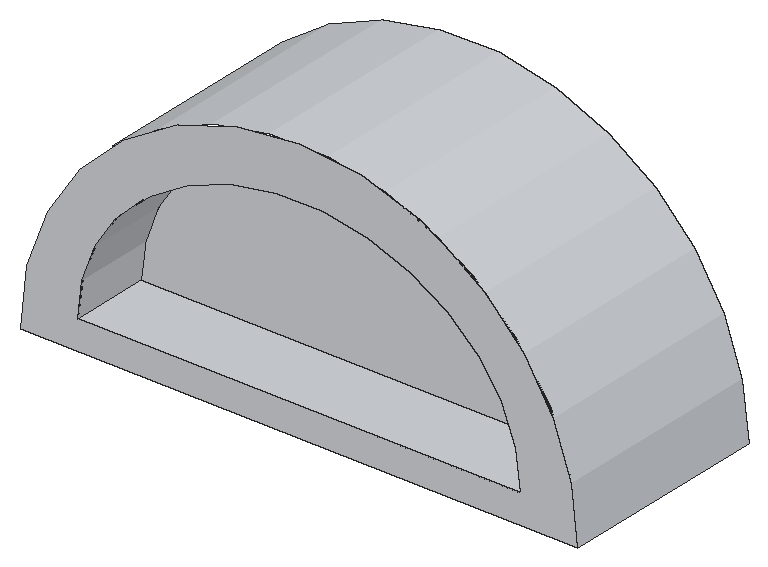
Revit family "S1W", category Lighting Fixtures, host Face, Revit 2025
Family settings
  Host = Face
  Round Connector Dimension = Use Diameter
  Part Type = Normal
  Cut with Voids When Loaded = No
  Light Source = No
  Maintain Annotation Orientation = No
  Shared = No
  Room Calculation Point = No
Parameters (values of type "RWSC-36L-5K-DO-U-PS")
  URL = "https://s3.amazonaws.com/iworq-upload/PLAINFIELD/601/8975494-McDonald%27s%20Lighting%20Cut%20Sheets.pdf"
  Model = "RWSC-36L-5K-DO-U-PS"
  Default Elevation = 48"
  C = 9"
  B = 19"
  A = 7 1/4"
Reference planes (in)
  plane 1 "Center (Front/Back)": y = 0
  plane 2: z = 0
  plane 3 "Center (Left/Right)": x = 0
  plane 4: z = 7.25
  plane 5: x = -9.5
  plane 6: x = 9.5
Forms (in)
  Extrusion 1, solid
    sketch origin (0, -3.625, 2.42474) x (1, 0, 0) y (0, 0, -1)
      loop
        spline (-9.5, 2.42474) -> (-9.1763, 0.09537) -> (-8.22724, -2.07526) -> (-6.71751, -3.93922) -> (-4.75, -5.36949) -> (-2.45878, -6.26859) -> (0, -6.57526) -> (2.45878, -6.26859) -> (4.75, -5.36949) -> (6.71751, -3.93922) -> (8.22724, -2.07526) -> (9.1763, 0.09537) -> (9.5, 2.42474)
        line (9.5, 2.42474) -> (-9.5, 2.42474)
    from 0 to 7.25
  Extrusion 2, void
    sketch origin (0, -3.625, 2.42474) x (-1, 0, 0) y (0, 0, -1)
      loop
        spline (-7.54637, 1.42474) -> (-7.28924, -0.19288) -> (-6.53535, -1.70026) -> (-5.33609, -2.99468) -> (-3.77319, -3.98792) -> (-1.95314, -4.6123) -> (0, -4.82526) -> (1.95314, -4.6123) -> (3.77319, -3.98792) -> (5.33609, -2.99468) -> (6.53535, -1.70026) -> (7.28924, -0.19288) -> (7.54637, 1.42474)
        line (7.54637, 1.42474) -> (-7.54637, 1.42474)
    from 0 to -2.69957
Cuts and joins
  Extrusion 2 cuts Extrusion 1
Dimensions and locks (in)
  "A": plane 4 to plane 2
  plane 5 to plane 6 = 19"
  "B": plane 5 to plane 6
  "C": Extrusion 1 sketch curve to Extrusion 1 sketch curve
  aligned and locked: plane 2 to host face
  aligned and locked: level to host face
  aligned and locked: plane 6 to Extrusion 1 sketch curve
  aligned and locked: plane 5 to Extrusion 1 sketch curve
Automatic sketch dimensions
  host sketch curve to host sketch curve = 96"  (x2)
  Extrusion 1 to Extrusion 2 sketch curve = 1"
  Extrusion 2 sketch curve to Extrusion 2 sketch curve = 15.09275"
  Extrusion 1 sketch curve to level = 0"
Connectors (in)
  electrical at (0, 0, 0)
    settings: on Extrusion 1, index 1, voltage 0 V, apparent load 0 VA, apparent load phase1 0 VA, apparent load phase2 0 VA, apparent load phase3 0 VA, power factor 1, load classification "Other", number of poles 1, system type 31, power factor state 1, is connector primary yes, connector utility no, sub classification motor no, connector description ""
